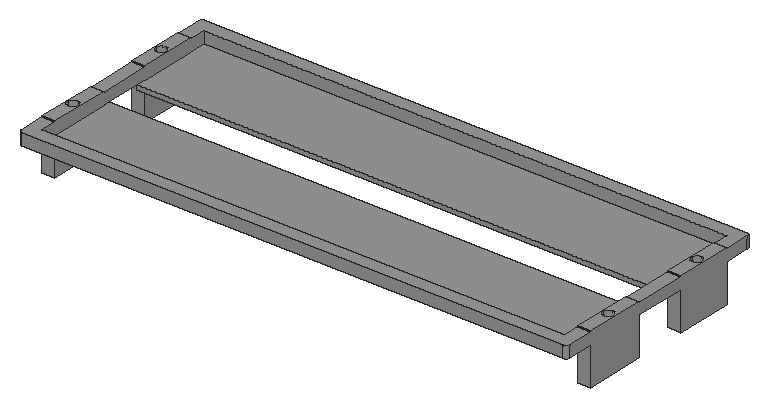
Revit family "Building-SurfaceMountingEnclosures-GEWISS-46-PANELS_MSS_MTX", category Attrezzatura elettrica, Revit 2016
Family settings
  Configurazione quadro = Due colonne, circuiti in orizzontale
  Tipo di parte = Pannello comandi
  Quota connettore circolare = Usa diametro
  Numero OmniClass = 23.80.30.11.17
  Titolo OmniClass = Distribution Boards and Control Panels
  Basato su piano di lavoro = Sì
  Sempre verticale = No
  Taglio con vuoti quando caricato = No
  Condiviso = No
  Punto di calcolo locali = Sì
Parameters (values of type "GW46573F - KIT MTX160/250+BD/MSS160 BOARD SIZE 7")
  Version file RFA = "18.0"
  URL = "https://www.gewiss.com/ww/en"
  Technical sheet = "https://www.gewiss.com/ww/en/search?q=GW46573F"
  Suitable for: = "46QP - 46QM - 46QX"
  SEO = "MCCB kit"
  Realized by GEWISS S.p.A. = ""
  RCD Position = "\"L\"-shaped"
  Default Elevation = 1219.2 mm
  Produttore = "GEWISS S.p.A."
  Pannello = GEWISS - GRIGIO RAL 7035
  Offset pannello [instance] = 100 mm
  Modello = "GW46573F"
  Mains Type = ""
  MCCB Type = "MTX 160c - MTX 160 - MTX 250"
  Lunghezza pannello = 718 mm
  Spessore pannello = 15 mm  # constant formula
  Immagine tipo = GW10016174.jpg
  IFC.TypeObject = ""
  IFC.ExportType = ""
  IFC.ExportAs = ""
  IDT = "acce35f6-ac00-4ae3-99d6-2321acd460a7"
  IDF = "60928df1-2f63-4f12-ae99-787042794c20"
  Height = "2 Modules"
  H_pannello = 300 mm  # constant formula
  H_da terra [instance] = 140.83 mm
  GEWISS SCHEDA TECNICA = "http://pro.gewiss.com/irj/portal/?NavigationTarget=pcd:portal_content/com.gewiss.ZPPFDMain/com.gewiss.ZPPFDITMain/com.gewiss.ZPPFDITMainDefault/com.gewiss.ZPPFDITPages/com.gewiss.ZPPFDITPagesAP/com.gewiss.ZPPFDITPagesAPCatalogo/com.gewiss.ZPPPDITAPProductDetail&codProd=GW46573F"
  For standard boards (mm) = "800"
  Equipment fixing = "Plate, DIN rail EN 50022"
  Electrocod = "0303"
  EAN code = "8011564284388"
  Disconnector Type = "MSS 160"
  Descrizione = "KIT MTX160/250+BD/MSS160 BOARD SIZE 7"
  Colour = "Grey RAL 7035"
  Catalogue Range = "46 QP"
  Catalogue = "BUILDING"
  COBie.Tagnumber = ""
  COBie.CreatedOn = ""
  COBie.CreatebBy = ""
  COBie.ComponentRegisterItemID = ""
  COBie.Component.TagNumber = ""
  COBie.Component.Space = ""
  COBie.Component.SerialNumber = ""
  COBie.Component.InstallationDate = ""
  COBie.Component.Description = ""
  COBie.Component.BarCode = ""
  Accessories supplied = "Fixing accessories"
Types (4, lengths in mm): name | Technical sheet | Offset pannello | Modello | Lunghezza pannello | IDT | GEWISS SCHEDA TECNICA | For standard boards (mm) | EAN code | Descrizione
  GW46570F - KIT MTX160/250+BD/MSS160 BOARD SIZE 3-4 | "https://www.gewiss.com/ww/en/search?q=GW46570F" | 379.83 | "GW46570F" | 358 | "b43b9192-97b5-4c0d-b495-64559def1b16" | "http://pro.gewiss.com/irj/portal/?NavigationTarget=pcd:portal_content/com.gewiss.ZPPFDMain/com.gewiss.ZPPFDITMain/com.gewiss.ZPPFDITMainDefault/com.gewiss.ZPPFDITPages/com.gewiss.ZPPFDITPagesAP/com.gewiss.ZPPFDITPagesAPCatalogo/com.gewiss.ZPPPDITAPProductDetail&codProd=GW46570F" | "405" | "8011564284357" | "KIT MTX160/250+BD/MSS160 BOARD SIZE 3-4"
  GW46571F - KIT MTX160/250+BD/MSS160 BOARD SIZE 5 | "https://www.gewiss.com/ww/en/search?q=GW46571F" | 379.83 | "GW46571F" | 466 | "a10e6511-1a4b-4662-bff5-c9b6eef7b632" | "http://pro.gewiss.com/irj/portal/?NavigationTarget=pcd:portal_content/com.gewiss.ZPPFDMain/com.gewiss.ZPPFDITMain/com.gewiss.ZPPFDITMainDefault/com.gewiss.ZPPFDITPages/com.gewiss.ZPPFDITPagesAP/com.gewiss.ZPPFDITPagesAPCatalogo/com.gewiss.ZPPPDITAPProductDetail&codProd=GW46571F" | "515" | "8011564284364" | "KIT MTX160/250+BD/MSS160 BOARD SIZE 5"
  GW46572F - KIT MTX160/250+BD/MSS160 BOARD SIZE 6 | "https://www.gewiss.com/ww/en/search?q=GW46572F" | 379.83 | "GW46572F" | 538 | "e57d2686-24fc-4dc4-a508-923a594941c8" | "http://pro.gewiss.com/irj/portal/?NavigationTarget=pcd:portal_content/com.gewiss.ZPPFDMain/com.gewiss.ZPPFDITMain/com.gewiss.ZPPFDITMainDefault/com.gewiss.ZPPFDITPages/com.gewiss.ZPPFDITPagesAP/com.gewiss.ZPPFDITPagesAPCatalogo/com.gewiss.ZPPPDITAPProductDetail&codProd=GW46572F" | "585" | "8011564284371" | "KIT MTX160/250+BD/MSS160 BOARD SIZE 6"
  GW46573F - KIT MTX160/250+BD/MSS160 BOARD SIZE 7 | "https://www.gewiss.com/ww/en/search?q=GW46573F" | 100 | "GW46573F" | 718 | "acce35f6-ac00-4ae3-99d6-2321acd460a7" | "http://pro.gewiss.com/irj/portal/?NavigationTarget=pcd:portal_content/com.gewiss.ZPPFDMain/com.gewiss.ZPPFDITMain/com.gewiss.ZPPFDITMainDefault/com.gewiss.ZPPFDITPages/com.gewiss.ZPPFDITPagesAP/com.gewiss.ZPPFDITPagesAPCatalogo/com.gewiss.ZPPPDITAPProductDetail&codProd=GW46573F" | "800" | "8011564284388" | "KIT MTX160/250+BD/MSS160 BOARD SIZE 7"
Reference planes
  plane 1 "Centro (Fronte/Retro)": z = 371.33
  plane 2: z = 0
  plane 3 "Centro (Sinistra/Destra)": x = 0
  plane 4: x = -359
  plane 5: x = 359
  plane 6: z = 84
  plane 7: z = 99
  plane 8: y = 184.5
  plane 9: y = -115.5
  plane 10: x = -341.956
  plane 11: y = -98.315
  plane 12: y = 167.315
  plane 13: x = 341.956
  plane 14: y = 57.5
  plane 15: y = 11.5
  plane 16: y = -76.5
  plane 17: y = 2.5
  plane 18: y = 145.5
  plane 19: y = 70.5
  plane 20: z = 100
  plane 21: z = 34
  plane 22: y = -37
  plane 23: y = 108
  plane 24: x = -350.478
  plane 25: x = 350.478
Forms (mm)
  Extrusion 1, solid, material "GEWISS - GRIGIO RAL 7035" <- "Pannello"
    sketch origin (0, 0, 371.33) x (1, 0, 0) y (0, 1, 0)
      loop
        arc (-354, 184.5) -> (-357.536, 183.036) -> (-359, 179.5) r 5
        line (-359, 179.5) -> (-359, -110.5)
        arc (-359, -110.5) -> (-357.536, -114.036) -> (-354, -115.5) r 5
        line (-354, -115.5) -> (354, -115.5)
        arc (354, -115.5) -> (357.536, -114.036) -> (359, -110.5) r 5
        line (359, -110.5) -> (359, 179.5)
        arc (359, 179.5) -> (357.536, 183.036) -> (354, 184.5) r 5
        line (354, 184.5) -> (-354, 184.5)
      loop
        line (-341.956, 167.315) -> (-341.956, -98.315) -> (341.956, -98.315) -> (341.956, 167.315) -> (-341.956, 167.315)
    from -287.33 to -272.33
  Extrusion 2, solid, material "GEWISS - GRIGIO RAL 7035" <- "Pannello"
    sketch origin (0, 0, 371.33) x (1, 0, 0) y (0, 1, 0)
      loop
        line (-341.956, 167.315) -> (-341.956, 57.5) -> (341.956, 57.5) -> (341.956, 167.315) -> (-341.956, 167.315)
      loop
        line (-341.956, 11.5) -> (-341.956, -98.315) -> (341.956, -98.315) -> (341.956, 11.5) -> (-341.956, 11.5)
    from -287.33 to -293.398
  Extrusion 3, solid, material "GEWISS - GRIGIO RAL 7035" <- "Pannello"
    sketch origin (0, 0, 371.33) x (1, 0, 0) y (0, 1, 0)
      loop
        line (-359, 145.5) -> (-359, 70.5) -> (-341.956, 70.5) -> (-341.956, 145.5) -> (-359, 145.5)
      loop
        line (-359, 2.5) -> (-359, -76.5) -> (-341.956, -76.5) -> (-341.956, 2.5) -> (-359, 2.5)
      loop
        line (341.956, 145.5) -> (341.956, 70.5) -> (359, 70.5) -> (359, 145.5) -> (341.956, 145.5)
      loop
        line (341.956, 2.5) -> (341.956, -76.5) -> (359, -76.5) -> (359, 2.5) -> (341.956, 2.5)
    from -337.33 to -271.33
  Extrusion 4, void
    sketch origin (0, 0, 371.33) x (1, 0, 0) y (0, 1, 0)
      loop
        circle (-350.478, -37) r 6.99
      loop
        circle (350.478, -37) r 6.99
      loop
        circle (-350.478, 108) r 6.99
      loop
        circle (350.478, 108) r 6.99
    from -337.33 to -271.33
Cuts and joins
  Extrusion 4 cuts Extrusion 1
  Extrusion 4 cuts Extrusion 3
  joined: Extrusion 1, Extrusion 3
Dimensions and locks
  equal spacing: plane 4, plane 3 "Centro (Sinistra/Destra)", plane 5
  "Lunghezza pannello": plane 4 to plane 5
  locked: plane 10 to plane 4 at 17.044
  locked: plane 5 to plane 13 at 17.044
  equal spacing: plane 10, plane 24, plane 4
  equal spacing: plane 5, plane 25, plane 13
  locked: plane 21 to plane 20 at 66
  "Offset pannello": plane 2 to plane 20
  locked: plane 6 to plane 7 at 15
  locked: plane 21 to plane 6 at 50
  locked: Extrusion 2 to cut or joined group of Extrusion 1, Extrusion 3, Extrusion 4 at 6.068
  aligned and locked: level to plane 2
  aligned and locked: plane 4 to Extrusion 1 sketch curve
  aligned and locked: Extrusion 1 sketch curve to plane 5
  aligned and locked: Extrusion 1 sketch curve to plane 8
  aligned and locked: plane 9 to Extrusion 1 sketch curve
  aligned and locked: Extrusion 1 sketch curve to plane 11
  aligned and locked: Extrusion 1 sketch curve to plane 13
  aligned and locked: Extrusion 1 sketch curve to plane 12
  aligned and locked: plane 10 to Extrusion 1 sketch curve
  aligned and locked: Extrusion 1 to plane 6
  aligned and locked: plane 7 to Extrusion 1
  aligned and locked: Extrusion 2 sketch curve to plane 12
  aligned and locked: plane 10 to Extrusion 2 sketch curve  (x2)
  aligned and locked: Extrusion 2 sketch curve to plane 13  (x2)
  aligned and locked: Extrusion 2 sketch curve to plane 11
  aligned and locked: Extrusion 2 to plane 6
  aligned and locked: Extrusion 2 to plane 15
  aligned and locked: plane 14 to Extrusion 2
  aligned and locked: plane 19 to Extrusion 3 sketch curve  (x2)
  aligned and locked: Extrusion 3 sketch curve to plane 18  (x2)
  aligned and locked: Extrusion 3 sketch curve to plane 17  (x2)
  aligned and locked: plane 16 to Extrusion 3 sketch curve  (x2)
  aligned and locked: plane 4 to Extrusion 3 sketch curve  (x2)
  aligned and locked: Extrusion 3 sketch curve to plane 5  (x2)
  aligned and locked: Extrusion 3 sketch curve to Extrusion 1  (x4)
  aligned and locked: plane 20 to Extrusion 3
  aligned and locked: Extrusion 3 to plane 21
  aligned and locked: cut or joined group of Extrusion 1, Extrusion 3, Extrusion 4 to plane 13
  aligned and locked: cut or joined group of Extrusion 1, Extrusion 3, Extrusion 4 to plane 10
  aligned and locked: plane 23 to Extrusion 4 sketch curve  (x2)
  aligned and locked: plane 24 to Extrusion 4 sketch curve  (x2)
  aligned and locked: plane 22 to Extrusion 4 sketch curve  (x2)
  aligned and locked: plane 25 to Extrusion 4 sketch curve  (x2)
  aligned and locked: Extrusion 3 to Extrusion 4
  aligned and locked: plane 20 to Extrusion 4
Automatic sketch dimensions
  plane 24 to Extrusion 1 sketch curve = 3.522 mm  (x2)
  plane 25 to Extrusion 1 sketch curve = 3.522 mm  (x2)
  Extrusion 2 sketch curve to plane 15 = 0 mm
  Extrusion 2 sketch curve to plane 14 = 0 mm
  radius of Extrusion 4 sketch curve = 6.99 mm  (x4)
